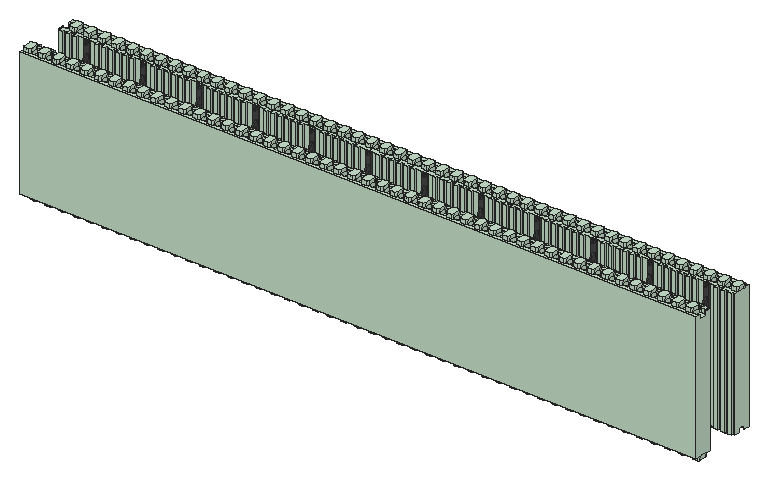
Revit family (continued)
Forms (in)
  Extrusion 100, void
    sketch origin (6, 1, 0) x (-1, 0, 0) y (0, -1, 0)
      loop
        arc (1.91675, 3.76455) -> (1.92106, 3.78736) -> (1.9334, 3.80702) r 0.0625
        arc (1.9334, 3.80702) -> (1.98276, 3.88568) -> (2, 3.97692) r 0.25
        line (2, 3.97692) -> (2, 4.89808)
        arc (2, 4.89808) -> (1.95215, 5.04517) -> (1.82692, 5.13595) r 0.25
        arc (1.82692, 5.13595) -> (1.5, 5.1875) -> (1.17308, 5.13595) r 1.0625
        arc (1.17308, 5.13595) -> (1.04785, 5.04517) -> (1, 4.89808) r 0.25
    from 0 to 0.5
  Extrusion 101, void
    sketch origin (8, 1, 0) x (-1, 0, 0) y (0, -1, 0)
      loop
        line (1, 4.89808) -> (1, 3.97692)
        arc (1, 3.97692) -> (1.04785, 3.82983) -> (1.17308, 3.73905) r 0.25
        arc (1.17308, 3.73905) -> (1.42092, 3.69045) -> (1.67323, 3.70172) r 1.0625
        arc (1.67323, 3.70172) -> (1.72385, 3.68771) -> (1.74592, 3.64005) r 0.0625
        line (1.74592, 3.64005) -> (1.74592, 3.41845) -> (1.91675, 3.41845) -> (1.91675, 3.76455)
        arc (1.91675, 3.76455) -> (1.92106, 3.78736) -> (1.9334, 3.80702) r 0.0625
        arc (1.9334, 3.80702) -> (1.98276, 3.88568) -> (2, 3.97692) r 0.25
        line (2, 3.97692) -> (2, 4.89808)
        arc (2, 4.89808) -> (1.95215, 5.04517) -> (1.82692, 5.13595) r 0.25
        arc (1.82692, 5.13595) -> (1.5, 5.1875) -> (1.17308, 5.13595) r 1.0625
        arc (1.17308, 5.13595) -> (1.04785, 5.04517) -> (1, 4.89808) r 0.25
    from 0 to 0.5
  Extrusion 102, void
    sketch origin (10, 1, 0) x (-1, 0, 0) y (0, -1, 0)
      loop
        line (1, 4.89808) -> (1, 3.97692)
        arc (1, 3.97692) -> (1.04785, 3.82983) -> (1.17308, 3.73905) r 0.25
        arc (1.17308, 3.73905) -> (1.42092, 3.69045) -> (1.67323, 3.70172) r 1.0625
        arc (1.67323, 3.70172) -> (1.72385, 3.68771) -> (1.74592, 3.64005) r 0.0625
        line (1.74592, 3.64005) -> (1.74592, 3.41845) -> (1.91675, 3.41845) -> (1.91675, 3.76455)
        arc (1.91675, 3.76455) -> (1.92106, 3.78736) -> (1.9334, 3.80702) r 0.0625
        arc (1.9334, 3.80702) -> (1.98276, 3.88568) -> (2, 3.97692) r 0.25
        line (2, 3.97692) -> (2, 4.89808)
        arc (2, 4.89808) -> (1.95215, 5.04517) -> (1.82692, 5.13595) r 0.25
        arc (1.82692, 5.13595) -> (1.5, 5.1875) -> (1.17308, 5.13595) r 1.0625
        arc (1.17308, 5.13595) -> (1.04785, 5.04517) -> (1, 4.89808) r 0.25
    from 0 to 0.5
  Extrusion 103, void
    sketch origin (12, 1, 0) x (-1, 0, 0) y (0, -1, 0)
      loop
        line (1, 4.89808) -> (1, 3.97692)
        arc (1, 3.97692) -> (1.04785, 3.82983) -> (1.17308, 3.73905) r 0.25
        arc (1.17308, 3.73905) -> (1.42092, 3.69045) -> (1.67323, 3.70172) r 1.0625
        arc (1.67323, 3.70172) -> (1.72385, 3.68771) -> (1.74592, 3.64005) r 0.0625
        line (1.74592, 3.64005) -> (1.74592, 3.41845) -> (1.91675, 3.41845) -> (1.91675, 3.76455)
        arc (1.91675, 3.76455) -> (1.92106, 3.78736) -> (1.9334, 3.80702) r 0.0625
        arc (1.9334, 3.80702) -> (1.98276, 3.88568) -> (2, 3.97692) r 0.25
        line (2, 3.97692) -> (2, 4.89808)
        arc (2, 4.89808) -> (1.95215, 5.04517) -> (1.82692, 5.13595) r 0.25
        arc (1.82692, 5.13595) -> (1.5, 5.1875) -> (1.17308, 5.13595) r 1.0625
        arc (1.17308, 5.13595) -> (1.04785, 5.04517) -> (1, 4.89808) r 0.25
    from 0 to 0.5
  Extrusion 104, void
    sketch origin (14, 1, 0) x (-1, 0, 0) y (0, -1, 0)
      loop
        line (1, 4.89808) -> (1, 3.97692)
        arc (1, 3.97692) -> (1.04785, 3.82983) -> (1.17308, 3.73905) r 0.25
        arc (1.17308, 3.73905) -> (1.42092, 3.69045) -> (1.67323, 3.70172) r 1.0625
        arc (1.67323, 3.70172) -> (1.72385, 3.68771) -> (1.74592, 3.64005) r 0.0625
        line (1.74592, 3.64005) -> (1.74592, 3.41845) -> (1.91675, 3.41845) -> (1.91675, 3.76455)
        arc (1.91675, 3.76455) -> (1.92106, 3.78736) -> (1.9334, 3.80702) r 0.0625
        arc (1.9334, 3.80702) -> (1.98276, 3.88568) -> (2, 3.97692) r 0.25
        line (2, 3.97692) -> (2, 4.89808)
        arc (2, 4.89808) -> (1.95215, 5.04517) -> (1.82692, 5.13595) r 0.25
        arc (1.82692, 5.13595) -> (1.5, 5.1875) -> (1.17308, 5.13595) r 1.0625
        arc (1.17308, 5.13595) -> (1.04785, 5.04517) -> (1, 4.89808) r 0.25
    from 0 to 0.5
  Extrusion 105, void
    sketch origin (16, 1, 0) x (-1, 0, 0) y (0, -1, 0)
      loop
        line (1, 4.89808) -> (1, 3.97692)
        arc (1, 3.97692) -> (1.04785, 3.82983) -> (1.17308, 3.73905) r 0.25
        arc (1.17308, 3.73905) -> (1.42092, 3.69045) -> (1.67323, 3.70172) r 1.0625
        arc (1.67323, 3.70172) -> (1.72385, 3.68771) -> (1.74592, 3.64005) r 0.0625
        line (1.74592, 3.64005) -> (1.74592, 3.41845) -> (1.91675, 3.41845) -> (1.91675, 3.76455)
        arc (1.91675, 3.76455) -> (1.92106, 3.78736) -> (1.9334, 3.80702) r 0.0625
        arc (1.9334, 3.80702) -> (1.98276, 3.88568) -> (2, 3.97692) r 0.25
        line (2, 3.97692) -> (2, 4.89808)
        arc (2, 4.89808) -> (1.95215, 5.04517) -> (1.82692, 5.13595) r 0.25
        arc (1.82692, 5.13595) -> (1.5, 5.1875) -> (1.17308, 5.13595) r 1.0625
        arc (1.17308, 5.13595) -> (1.04785, 5.04517) -> (1, 4.89808) r 0.25
    from 0 to 0.5
  Extrusion 106, void
    sketch origin (18, 1, 0) x (-1, 0, 0) y (0, -1, 0)
      loop
        line (1, 4.89808) -> (1, 3.97692)
        arc (1, 3.97692) -> (1.04785, 3.82983) -> (1.17308, 3.73905) r 0.25
        arc (1.17308, 3.73905) -> (1.42092, 3.69045) -> (1.67323, 3.70172) r 1.0625
        arc (1.67323, 3.70172) -> (1.72385, 3.68771) -> (1.74592, 3.64005) r 0.0625
        line (1.74592, 3.64005) -> (1.74592, 3.41845) -> (1.91675, 3.41845) -> (1.91675, 3.76455)
        arc (1.91675, 3.76455) -> (1.92106, 3.78736) -> (1.9334, 3.80702) r 0.0625
        arc (1.9334, 3.80702) -> (1.98276, 3.88568) -> (2, 3.97692) r 0.25
        line (2, 3.97692) -> (2, 4.89808)
        arc (2, 4.89808) -> (1.95215, 5.04517) -> (1.82692, 5.13595) r 0.25
        arc (1.82692, 5.13595) -> (1.5, 5.1875) -> (1.17308, 5.13595) r 1.0625
        arc (1.17308, 5.13595) -> (1.04785, 5.04517) -> (1, 4.89808) r 0.25
    from 0 to 0.5
  Extrusion 107, void
    sketch origin (20, 1, 0) x (-1, 0, 0) y (0, -1, 0)
      loop
        line (1, 4.89808) -> (1, 3.97692)
        arc (1, 3.97692) -> (1.04785, 3.82983) -> (1.17308, 3.73905) r 0.25
        arc (1.17308, 3.73905) -> (1.42092, 3.69045) -> (1.67323, 3.70172) r 1.0625
        arc (1.67323, 3.70172) -> (1.72385, 3.68771) -> (1.74592, 3.64005) r 0.0625
        line (1.74592, 3.64005) -> (1.74592, 3.41845) -> (1.91675, 3.41845) -> (1.91675, 3.76455)
        arc (1.91675, 3.76455) -> (1.92106, 3.78736) -> (1.9334, 3.80702) r 0.0625
        arc (1.9334, 3.80702) -> (1.98276, 3.88568) -> (2, 3.97692) r 0.25
        line (2, 3.97692) -> (2, 4.89808)
        arc (2, 4.89808) -> (1.95215, 5.04517) -> (1.82692, 5.13595) r 0.25
        arc (1.82692, 5.13595) -> (1.5, 5.1875) -> (1.17308, 5.13595) r 1.0625
        arc (1.17308, 5.13595) -> (1.04785, 5.04517) -> (1, 4.89808) r 0.25
    from 0 to 0.5
  Extrusion 108, void
    sketch origin (22, 1, 0) x (-1, 0, 0) y (0, -1, 0)
      loop
        line (1, 4.89808) -> (1, 3.97692)
        arc (1, 3.97692) -> (1.04785, 3.82983) -> (1.17308, 3.73905) r 0.25
        arc (1.17308, 3.73905) -> (1.42092, 3.69045) -> (1.67323, 3.70172) r 1.0625
        arc (1.67323, 3.70172) -> (1.72385, 3.68771) -> (1.74592, 3.64005) r 0.0625
        line (1.74592, 3.64005) -> (1.74592, 3.41845) -> (1.91675, 3.41845) -> (1.91675, 3.76455)
        arc (1.91675, 3.76455) -> (1.92106, 3.78736) -> (1.9334, 3.80702) r 0.0625
        arc (1.9334, 3.80702) -> (1.98276, 3.88568) -> (2, 3.97692) r 0.25
        line (2, 3.97692) -> (2, 4.89808)
        arc (2, 4.89808) -> (1.95215, 5.04517) -> (1.82692, 5.13595) r 0.25
        arc (1.82692, 5.13595) -> (1.5, 5.1875) -> (1.17308, 5.13595) r 1.0625
        arc (1.17308, 5.13595) -> (1.04785, 5.04517) -> (1, 4.89808) r 0.25
    from 0 to 0.5
  Extrusion 109, void
    sketch origin (24, 1, 0) x (-1, 0, 0) y (0, -1, 0)
      loop
        line (1, 4.89808) -> (1, 3.97692)
        arc (1, 3.97692) -> (1.04785, 3.82983) -> (1.17308, 3.73905) r 0.25
        arc (1.17308, 3.73905) -> (1.42092, 3.69045) -> (1.67323, 3.70172) r 1.0625
        arc (1.67323, 3.70172) -> (1.72385, 3.68771) -> (1.74592, 3.64005) r 0.0625
        line (1.74592, 3.64005) -> (1.74592, 3.41845) -> (1.91675, 3.41845) -> (1.91675, 3.76455)
        arc (1.91675, 3.76455) -> (1.92106, 3.78736) -> (1.9334, 3.80702) r 0.0625
        arc (1.9334, 3.80702) -> (1.98276, 3.88568) -> (2, 3.97692) r 0.25
        line (2, 3.97692) -> (2, 4.89808)
        arc (2, 4.89808) -> (1.95215, 5.04517) -> (1.82692, 5.13595) r 0.25
        arc (1.82692, 5.13595) -> (1.5, 5.1875) -> (1.17308, 5.13595) r 1.0625
        arc (1.17308, 5.13595) -> (1.04785, 5.04517) -> (1, 4.89808) r 0.25
    from 0 to 0.5
  Extrusion 110, void
    sketch origin (26, 1, 0) x (-1, 0, 0) y (0, -1, 0)
      loop
        line (1, 4.89808) -> (1, 3.97692)
        arc (1, 3.97692) -> (1.04785, 3.82983) -> (1.17308, 3.73905) r 0.25
        arc (1.17308, 3.73905) -> (1.42092, 3.69045) -> (1.67323, 3.70172) r 1.0625
        arc (1.67323, 3.70172) -> (1.72385, 3.68771) -> (1.74592, 3.64005) r 0.0625
        line (1.74592, 3.64005) -> (1.74592, 3.41845) -> (1.91675, 3.41845) -> (1.91675, 3.76455)
        arc (1.91675, 3.76455) -> (1.92106, 3.78736) -> (1.9334, 3.80702) r 0.0625
        arc (1.9334, 3.80702) -> (1.98276, 3.88568) -> (2, 3.97692) r 0.25
        line (2, 3.97692) -> (2, 4.89808)
        arc (2, 4.89808) -> (1.95215, 5.04517) -> (1.82692, 5.13595) r 0.25
        arc (1.82692, 5.13595) -> (1.5, 5.1875) -> (1.17308, 5.13595) r 1.0625
        arc (1.17308, 5.13595) -> (1.04785, 5.04517) -> (1, 4.89808) r 0.25
    from 0 to 0.5
  Extrusion 111, void
    sketch origin (28, 1, 0) x (-1, 0, 0) y (0, -1, 0)
      loop
        line (1, 4.89808) -> (1, 3.97692)
        arc (1, 3.97692) -> (1.04785, 3.82983) -> (1.17308, 3.73905) r 0.25
        arc (1.17308, 3.73905) -> (1.42092, 3.69045) -> (1.67323, 3.70172) r 1.0625
        arc (1.67323, 3.70172) -> (1.72385, 3.68771) -> (1.74592, 3.64005) r 0.0625
        line (1.74592, 3.64005) -> (1.74592, 3.41845) -> (1.91675, 3.41845) -> (1.91675, 3.76455)
        arc (1.91675, 3.76455) -> (1.92106, 3.78736) -> (1.9334, 3.80702) r 0.0625
        arc (1.9334, 3.80702) -> (1.98276, 3.88568) -> (2, 3.97692) r 0.25
        line (2, 3.97692) -> (2, 4.89808)
        arc (2, 4.89808) -> (1.95215, 5.04517) -> (1.82692, 5.13595) r 0.25
        arc (1.82692, 5.13595) -> (1.5, 5.1875) -> (1.17308, 5.13595) r 1.0625
        arc (1.17308, 5.13595) -> (1.04785, 5.04517) -> (1, 4.89808) r 0.25
    from 0 to 0.5
  Extrusion 112, void
    sketch origin (30, 1, 0) x (-1, 0, 0) y (0, -1, 0)
      loop
        line (1, 4.89808) -> (1, 3.97692)
        arc (1, 3.97692) -> (1.04785, 3.82983) -> (1.17308, 3.73905) r 0.25
        arc (1.17308, 3.73905) -> (1.42092, 3.69045) -> (1.67323, 3.70172) r 1.0625
        arc (1.67323, 3.70172) -> (1.72385, 3.68771) -> (1.74592, 3.64005) r 0.0625
        line (1.74592, 3.64005) -> (1.74592, 3.41845) -> (1.91675, 3.41845) -> (1.91675, 3.76455)
        arc (1.91675, 3.76455) -> (1.92106, 3.78736) -> (1.9334, 3.80702) r 0.0625
        arc (1.9334, 3.80702) -> (1.98276, 3.88568) -> (2, 3.97692) r 0.25
        line (2, 3.97692) -> (2, 4.89808)
        arc (2, 4.89808) -> (1.95215, 5.04517) -> (1.82692, 5.13595) r 0.25
        arc (1.82692, 5.13595) -> (1.5, 5.1875) -> (1.17308, 5.13595) r 1.0625
        arc (1.17308, 5.13595) -> (1.04785, 5.04517) -> (1, 4.89808) r 0.25
    from 0 to 0.5
  Extrusion 113, void
    sketch origin (32, 1, 0) x (-1, 0, 0) y (0, -1, 0)
      loop
        line (1, 4.89808) -> (1, 3.97692)
        arc (1, 3.97692) -> (1.04785, 3.82983) -> (1.17308, 3.73905) r 0.25
        arc (1.17308, 3.73905) -> (1.42092, 3.69045) -> (1.67323, 3.70172) r 1.0625
        arc (1.67323, 3.70172) -> (1.72385, 3.68771) -> (1.74592, 3.64005) r 0.0625
        line (1.74592, 3.64005) -> (1.74592, 3.41845) -> (1.91675, 3.41845) -> (1.91675, 3.76455)
        arc (1.91675, 3.76455) -> (1.92106, 3.78736) -> (1.9334, 3.80702) r 0.0625
        arc (1.9334, 3.80702) -> (1.98276, 3.88568) -> (2, 3.97692) r 0.25
        line (2, 3.97692) -> (2, 4.89808)
        arc (2, 4.89808) -> (1.95215, 5.04517) -> (1.82692, 5.13595) r 0.25
        arc (1.82692, 5.13595) -> (1.5, 5.1875) -> (1.17308, 5.13595) r 1.0625
        arc (1.17308, 5.13595) -> (1.04785, 5.04517) -> (1, 4.89808) r 0.25
    from 0 to 0.5
  Extrusion 114, void
    sketch origin (34, 1, 0) x (-1, 0, 0) y (0, -1, 0)
      loop
        line (1, 4.89808) -> (1, 3.97692)
        arc (1, 3.97692) -> (1.04785, 3.82983) -> (1.17308, 3.73905) r 0.25
        arc (1.17308, 3.73905) -> (1.42092, 3.69045) -> (1.67323, 3.70172) r 1.0625
        arc (1.67323, 3.70172) -> (1.72385, 3.68771) -> (1.74592, 3.64005) r 0.0625
        line (1.74592, 3.64005) -> (1.74592, 3.41845) -> (1.91675, 3.41845) -> (1.91675, 3.76455)
        arc (1.91675, 3.76455) -> (1.92106, 3.78736) -> (1.9334, 3.80702) r 0.0625
        arc (1.9334, 3.80702) -> (1.98276, 3.88568) -> (2, 3.97692) r 0.25
        line (2, 3.97692) -> (2, 4.89808)
        arc (2, 4.89808) -> (1.95215, 5.04517) -> (1.82692, 5.13595) r 0.25
        arc (1.82692, 5.13595) -> (1.5, 5.1875) -> (1.17308, 5.13595) r 1.0625
        arc (1.17308, 5.13595) -> (1.04785, 5.04517) -> (1, 4.89808) r 0.25
    from 0 to 0.5
  Extrusion 115, void
    sketch origin (36, 1, 0) x (-1, 0, 0) y (0, -1, 0)
      loop
        line (1, 4.89808) -> (1, 3.97692)
        arc (1, 3.97692) -> (1.04785, 3.82983) -> (1.17308, 3.73905) r 0.25
        arc (1.17308, 3.73905) -> (1.42092, 3.69045) -> (1.67323, 3.70172) r 1.0625
        arc (1.67323, 3.70172) -> (1.72385, 3.68771) -> (1.74592, 3.64005) r 0.0625
        line (1.74592, 3.64005) -> (1.74592, 3.41845) -> (1.91675, 3.41845) -> (1.91675, 3.76455)
        arc (1.91675, 3.76455) -> (1.92106, 3.78736) -> (1.9334, 3.80702) r 0.0625
        arc (1.9334, 3.80702) -> (1.98276, 3.88568) -> (2, 3.97692) r 0.25
        line (2, 3.97692) -> (2, 4.89808)
        arc (2, 4.89808) -> (1.95215, 5.04517) -> (1.82692, 5.13595) r 0.25
        arc (1.82692, 5.13595) -> (1.5, 5.1875) -> (1.17308, 5.13595) r 1.0625
        arc (1.17308, 5.13595) -> (1.04785, 5.04517) -> (1, 4.89808) r 0.25
    from 0 to 0.5
  Extrusion 116, void
    sketch origin (38, 1, 0) x (-1, 0, 0) y (0, -1, 0)
      loop
        line (1, 4.89808) -> (1, 3.97692)
        arc (1, 3.97692) -> (1.04785, 3.82983) -> (1.17308, 3.73905) r 0.25
        arc (1.17308, 3.73905) -> (1.42092, 3.69045) -> (1.67323, 3.70172) r 1.0625
        arc (1.67323, 3.70172) -> (1.72385, 3.68771) -> (1.74592, 3.64005) r 0.0625
        line (1.74592, 3.64005) -> (1.74592, 3.41845) -> (1.91675, 3.41845) -> (1.91675, 3.76455)
        arc (1.91675, 3.76455) -> (1.92106, 3.78736) -> (1.9334, 3.80702) r 0.0625
        arc (1.9334, 3.80702) -> (1.98276, 3.88568) -> (2, 3.97692) r 0.25
        line (2, 3.97692) -> (2, 4.89808)
        arc (2, 4.89808) -> (1.95215, 5.04517) -> (1.82692, 5.13595) r 0.25
        arc (1.82692, 5.13595) -> (1.5, 5.1875) -> (1.17308, 5.13595) r 1.0625
        arc (1.17308, 5.13595) -> (1.04785, 5.04517) -> (1, 4.89808) r 0.25
    from 0 to 0.5
  Extrusion 117, void
    sketch origin (40, 1, 0) x (-1, 0, 0) y (0, -1, 0)
      loop
        line (1, 4.89808) -> (1, 3.97692)
        arc (1, 3.97692) -> (1.04785, 3.82983) -> (1.17308, 3.73905) r 0.25
        arc (1.17308, 3.73905) -> (1.42092, 3.69045) -> (1.67323, 3.70172) r 1.0625
        arc (1.67323, 3.70172) -> (1.72385, 3.68771) -> (1.74592, 3.64005) r 0.0625
        line (1.74592, 3.64005) -> (1.74592, 3.41845) -> (1.91675, 3.41845) -> (1.91675, 3.76455)
        arc (1.91675, 3.76455) -> (1.92106, 3.78736) -> (1.9334, 3.80702) r 0.0625
        arc (1.9334, 3.80702) -> (1.98276, 3.88568) -> (2, 3.97692) r 0.25
        line (2, 3.97692) -> (2, 4.89808)
        arc (2, 4.89808) -> (1.95215, 5.04517) -> (1.82692, 5.13595) r 0.25
        arc (1.82692, 5.13595) -> (1.5, 5.1875) -> (1.17308, 5.13595) r 1.0625
        arc (1.17308, 5.13595) -> (1.04785, 5.04517) -> (1, 4.89808) r 0.25
    from 0 to 0.5
  Extrusion 118, void
    sketch origin (42, 1, 0) x (-1, 0, 0) y (0, -1, 0)
      loop
        line (1, 4.89808) -> (1, 3.97692)
        arc (1, 3.97692) -> (1.04785, 3.82983) -> (1.17308, 3.73905) r 0.25
        arc (1.17308, 3.73905) -> (1.42092, 3.69045) -> (1.67323, 3.70172) r 1.0625
        arc (1.67323, 3.70172) -> (1.72385, 3.68771) -> (1.74592, 3.64005) r 0.0625
        line (1.74592, 3.64005) -> (1.74592, 3.41845) -> (1.91675, 3.41845) -> (1.91675, 3.76455)
        arc (1.91675, 3.76455) -> (1.92106, 3.78736) -> (1.9334, 3.80702) r 0.0625
        arc (1.9334, 3.80702) -> (1.98276, 3.88568) -> (2, 3.97692) r 0.25
        line (2, 3.97692) -> (2, 4.89808)
        arc (2, 4.89808) -> (1.95215, 5.04517) -> (1.82692, 5.13595) r 0.25
        arc (1.82692, 5.13595) -> (1.5, 5.1875) -> (1.17308, 5.13595) r 1.0625
        arc (1.17308, 5.13595) -> (1.04785, 5.04517) -> (1, 4.89808) r 0.25
    from 0 to 0.5
  Extrusion 119, void
    sketch origin (44, 1, 0) x (-1, 0, 0) y (0, -1, 0)
      loop
        line (1, 4.89808) -> (1, 3.97692)
        arc (1, 3.97692) -> (1.04785, 3.82983) -> (1.17308, 3.73905) r 0.25
        arc (1.17308, 3.73905) -> (1.42092, 3.69045) -> (1.67323, 3.70172) r 1.0625
        arc (1.67323, 3.70172) -> (1.72385, 3.68771) -> (1.74592, 3.64005) r 0.0625
        line (1.74592, 3.64005) -> (1.74592, 3.41845) -> (1.91675, 3.41845) -> (1.91675, 3.76455)
        arc (1.91675, 3.76455) -> (1.92106, 3.78736) -> (1.9334, 3.80702) r 0.0625
        arc (1.9334, 3.80702) -> (1.98276, 3.88568) -> (2, 3.97692) r 0.25
        line (2, 3.97692) -> (2, 4.89808)
        arc (2, 4.89808) -> (1.95215, 5.04517) -> (1.82692, 5.13595) r 0.25
        arc (1.82692, 5.13595) -> (1.5, 5.1875) -> (1.17308, 5.13595) r 1.0625
        arc (1.17308, 5.13595) -> (1.04785, 5.04517) -> (1, 4.89808) r 0.25
    from 0 to 0.5
  Extrusion 120, void
    sketch origin (46, 1, 0) x (-1, 0, 0) y (0, -1, 0)
      loop
        line (1, 4.89808) -> (1, 3.97692)
        arc (1, 3.97692) -> (1.04785, 3.82983) -> (1.17308, 3.73905) r 0.25
        arc (1.17308, 3.73905) -> (1.42092, 3.69045) -> (1.67323, 3.70172) r 1.0625
        arc (1.67323, 3.70172) -> (1.72385, 3.68771) -> (1.74592, 3.64005) r 0.0625
        line (1.74592, 3.64005) -> (1.74592, 3.41845) -> (1.91675, 3.41845) -> (1.91675, 3.76455)
        arc (1.91675, 3.76455) -> (1.92106, 3.78736) -> (1.9334, 3.80702) r 0.0625
        arc (1.9334, 3.80702) -> (1.98276, 3.88568) -> (2, 3.97692) r 0.25
        line (2, 3.97692) -> (2, 4.89808)
        arc (2, 4.89808) -> (1.95215, 5.04517) -> (1.82692, 5.13595) r 0.25
        arc (1.82692, 5.13595) -> (1.5, 5.1875) -> (1.17308, 5.13595) r 1.0625
        arc (1.17308, 5.13595) -> (1.04785, 5.04517) -> (1, 4.89808) r 0.25
    from 0 to 0.5
  Extrusion 121, void
    sketch origin (48, 1, 0) x (-1, 0, 0) y (0, -1, 0)
      loop
        line (1, 4.89808) -> (1, 3.97692)
        arc (1, 3.97692) -> (1.04785, 3.82983) -> (1.17308, 3.73905) r 0.25
        arc (1.17308, 3.73905) -> (1.42092, 3.69045) -> (1.67323, 3.70172) r 1.0625
        arc (1.67323, 3.70172) -> (1.72385, 3.68771) -> (1.74592, 3.64005) r 0.0625
        line (1.74592, 3.64005) -> (1.74592, 3.41845) -> (1.91675, 3.41845) -> (1.91675, 3.76455)
        arc (1.91675, 3.76455) -> (1.92106, 3.78736) -> (1.9334, 3.80702) r 0.0625
        arc (1.9334, 3.80702) -> (1.98276, 3.88568) -> (2, 3.97692) r 0.25
        line (2, 3.97692) -> (2, 4.89808)
        arc (2, 4.89808) -> (1.95215, 5.04517) -> (1.82692, 5.13595) r 0.25
        arc (1.82692, 5.13595) -> (1.5, 5.1875) -> (1.17308, 5.13595) r 1.0625
        arc (1.17308, 5.13595) -> (1.04785, 5.04517) -> (1, 4.89808) r 0.25
    from 0 to 0.5
  Extrusion 122, void
    sketch origin (50, 1, 0) x (-1, 0, 0) y (0, -1, 0)
      loop
        line (1, 4.89808) -> (1, 3.97692)
        arc (1, 3.97692) -> (1.04785, 3.82983) -> (1.17308, 3.73905) r 0.25
        arc (1.17308, 3.73905) -> (1.42092, 3.69045) -> (1.67323, 3.70172) r 1.0625
        arc (1.67323, 3.70172) -> (1.72385, 3.68771) -> (1.74592, 3.64005) r 0.0625
        line (1.74592, 3.64005) -> (1.74592, 3.41845) -> (1.91675, 3.41845) -> (1.91675, 3.76455)
        arc (1.91675, 3.76455) -> (1.92106, 3.78736) -> (1.9334, 3.80702) r 0.0625
        arc (1.9334, 3.80702) -> (1.98276, 3.88568) -> (2, 3.97692) r 0.25
        line (2, 3.97692) -> (2, 4.89808)
        arc (2, 4.89808) -> (1.95215, 5.04517) -> (1.82692, 5.13595) r 0.25
        arc (1.82692, 5.13595) -> (1.5, 5.1875) -> (1.17308, 5.13595) r 1.0625
        arc (1.17308, 5.13595) -> (1.04785, 5.04517) -> (1, 4.89808) r 0.25
    from 0 to 0.5
  Extrusion 123, void
    sketch origin (52, 1, 0) x (-1, 0, 0) y (0, -1, 0)
      loop
        line (1, 4.89808) -> (1, 3.97692)
        arc (1, 3.97692) -> (1.04785, 3.82983) -> (1.17308, 3.73905) r 0.25
        arc (1.17308, 3.73905) -> (1.42092, 3.69045) -> (1.67323, 3.70172) r 1.0625
        arc (1.67323, 3.70172) -> (1.72385, 3.68771) -> (1.74592, 3.64005) r 0.0625
        line (1.74592, 3.64005) -> (1.74592, 3.41845) -> (1.91675, 3.41845) -> (1.91675, 3.76455)
        arc (1.91675, 3.76455) -> (1.92106, 3.78736) -> (1.9334, 3.80702) r 0.0625
        arc (1.9334, 3.80702) -> (1.98276, 3.88568) -> (2, 3.97692) r 0.25
        line (2, 3.97692) -> (2, 4.89808)
        arc (2, 4.89808) -> (1.95215, 5.04517) -> (1.82692, 5.13595) r 0.25
        arc (1.82692, 5.13595) -> (1.5, 5.1875) -> (1.17308, 5.13595) r 1.0625
        arc (1.17308, 5.13595) -> (1.04785, 5.04517) -> (1, 4.89808) r 0.25
    from 0 to 0.5
  Extrusion 124, void
    sketch origin (54, 1, 0) x (-1, 0, 0) y (0, -1, 0)
      loop
        line (1, 4.89808) -> (1, 3.97692)
        arc (1, 3.97692) -> (1.04785, 3.82983) -> (1.17308, 3.73905) r 0.25
        arc (1.17308, 3.73905) -> (1.42092, 3.69045) -> (1.67323, 3.70172) r 1.0625
        arc (1.67323, 3.70172) -> (1.72385, 3.68771) -> (1.74592, 3.64005) r 0.0625
        line (1.74592, 3.64005) -> (1.74592, 3.41845) -> (1.91675, 3.41845) -> (1.91675, 3.76455)
        arc (1.91675, 3.76455) -> (1.92106, 3.78736) -> (1.9334, 3.80702) r 0.0625
        arc (1.9334, 3.80702) -> (1.98276, 3.88568) -> (2, 3.97692) r 0.25
        line (2, 3.97692) -> (2, 4.89808)
        arc (2, 4.89808) -> (1.95215, 5.04517) -> (1.82692, 5.13595) r 0.25
        arc (1.82692, 5.13595) -> (1.5, 5.1875) -> (1.17308, 5.13595) r 1.0625
        arc (1.17308, 5.13595) -> (1.04785, 5.04517) -> (1, 4.89808) r 0.25
    from 0 to 0.5
  Extrusion 125, void
    sketch origin (56, 1, 0) x (-1, 0, 0) y (0, -1, 0)
      loop
        line (1, 4.89808) -> (1, 3.97692)
        arc (1, 3.97692) -> (1.04785, 3.82983) -> (1.17308, 3.73905) r 0.25
        arc (1.17308, 3.73905) -> (1.42092, 3.69045) -> (1.67323, 3.70172) r 1.0625
        arc (1.67323, 3.70172) -> (1.72385, 3.68771) -> (1.74592, 3.64005) r 0.0625
        line (1.74592, 3.64005) -> (1.74592, 3.41845) -> (1.91675, 3.41845) -> (1.91675, 3.76455)
        arc (1.91675, 3.76455) -> (1.92106, 3.78736) -> (1.9334, 3.80702) r 0.0625
        arc (1.9334, 3.80702) -> (1.98276, 3.88568) -> (2, 3.97692) r 0.25
        line (2, 3.97692) -> (2, 4.89808)
        arc (2, 4.89808) -> (1.95215, 5.04517) -> (1.82692, 5.13595) r 0.25
        arc (1.82692, 5.13595) -> (1.5, 5.1875) -> (1.17308, 5.13595) r 1.0625
        arc (1.17308, 5.13595) -> (1.04785, 5.04517) -> (1, 4.89808) r 0.25
    from 0 to 0.5
  Extrusion 126, void
    sketch origin (58, 1, 0) x (-1, 0, 0) y (0, -1, 0)
      loop
        line (1, 4.89808) -> (1, 3.97692)
        arc (1, 3.97692) -> (1.04785, 3.82983) -> (1.17308, 3.73905) r 0.25
        arc (1.17308, 3.73905) -> (1.42092, 3.69045) -> (1.67323, 3.70172) r 1.0625
        arc (1.67323, 3.70172) -> (1.72385, 3.68771) -> (1.74592, 3.64005) r 0.0625
        line (1.74592, 3.64005) -> (1.74592, 3.41845) -> (1.91675, 3.41845) -> (1.91675, 3.76455)
        arc (1.91675, 3.76455) -> (1.92106, 3.78736) -> (1.9334, 3.80702) r 0.0625
        arc (1.9334, 3.80702) -> (1.98276, 3.88568) -> (2, 3.97692) r 0.25
        line (2, 3.97692) -> (2, 4.89808)
        arc (2, 4.89808) -> (1.95215, 5.04517) -> (1.82692, 5.13595) r 0.25
        arc (1.82692, 5.13595) -> (1.5, 5.1875) -> (1.17308, 5.13595) r 1.0625
        arc (1.17308, 5.13595) -> (1.04785, 5.04517) -> (1, 4.89808) r 0.25
    from 0 to 0.5
  Extrusion 127, void
    sketch origin (60, 1, 0) x (-1, 0, 0) y (0, -1, 0)
      loop
        line (1, 4.89808) -> (1, 3.97692)
        arc (1, 3.97692) -> (1.04785, 3.82983) -> (1.17308, 3.73905) r 0.25
        arc (1.17308, 3.73905) -> (1.42092, 3.69045) -> (1.67323, 3.70172) r 1.0625
        arc (1.67323, 3.70172) -> (1.72385, 3.68771) -> (1.74592, 3.64005) r 0.0625
        line (1.74592, 3.64005) -> (1.74592, 3.41845) -> (1.91675, 3.41845) -> (1.91675, 3.76455)
        arc (1.91675, 3.76455) -> (1.92106, 3.78736) -> (1.9334, 3.80702) r 0.0625
        arc (1.9334, 3.80702) -> (1.98276, 3.88568) -> (2, 3.97692) r 0.25
        line (2, 3.97692) -> (2, 4.89808)
        arc (2, 4.89808) -> (1.95215, 5.04517) -> (1.82692, 5.13595) r 0.25
        arc (1.82692, 5.13595) -> (1.5, 5.1875) -> (1.17308, 5.13595) r 1.0625
        arc (1.17308, 5.13595) -> (1.04785, 5.04517) -> (1, 4.89808) r 0.25
    from 0 to 0.5
  Extrusion 128, void
    sketch origin (62, 1, 0) x (-1, 0, 0) y (0, -1, 0)
      loop
        line (1, 4.89808) -> (1, 3.97692)
        arc (1, 3.97692) -> (1.04785, 3.82983) -> (1.17308, 3.73905) r 0.25
        arc (1.17308, 3.73905) -> (1.42092, 3.69045) -> (1.67323, 3.70172) r 1.0625
        arc (1.67323, 3.70172) -> (1.72385, 3.68771) -> (1.74592, 3.64005) r 0.0625
        line (1.74592, 3.64005) -> (1.74592, 3.41845) -> (1.91675, 3.41845) -> (1.91675, 3.76455)
        arc (1.91675, 3.76455) -> (1.92106, 3.78736) -> (1.9334, 3.80702) r 0.0625
        arc (1.9334, 3.80702) -> (1.98276, 3.88568) -> (2, 3.97692) r 0.25
        line (2, 3.97692) -> (2, 4.89808)
        arc (2, 4.89808) -> (1.95215, 5.04517) -> (1.82692, 5.13595) r 0.25
        arc (1.82692, 5.13595) -> (1.5, 5.1875) -> (1.17308, 5.13595) r 1.0625
        arc (1.17308, 5.13595) -> (1.04785, 5.04517) -> (1, 4.89808) r 0.25
    from 0 to 0.5
  Extrusion 129, void
    sketch origin (64, 1, 0) x (-1, 0, 0) y (0, -1, 0)
      loop
        line (1, 4.89808) -> (1, 3.97692)
        arc (1, 3.97692) -> (1.04785, 3.82983) -> (1.17308, 3.73905) r 0.25
        arc (1.17308, 3.73905) -> (1.42092, 3.69045) -> (1.67323, 3.70172) r 1.0625
        arc (1.67323, 3.70172) -> (1.72385, 3.68771) -> (1.74592, 3.64005) r 0.0625
        line (1.74592, 3.64005) -> (1.74592, 3.41845) -> (1.91675, 3.41845) -> (1.91675, 3.76455)
        arc (1.91675, 3.76455) -> (1.92106, 3.78736) -> (1.9334, 3.80702) r 0.0625
        arc (1.9334, 3.80702) -> (1.98276, 3.88568) -> (2, 3.97692) r 0.25
        line (2, 3.97692) -> (2, 4.89808)
        arc (2, 4.89808) -> (1.95215, 5.04517) -> (1.82692, 5.13595) r 0.25
        arc (1.82692, 5.13595) -> (1.5, 5.1875) -> (1.17308, 5.13595) r 1.0625
        arc (1.17308, 5.13595) -> (1.04785, 5.04517) -> (1, 4.89808) r 0.25
    from 0 to 0.5
  Extrusion 130, void
    sketch origin (66, 1, 0) x (-1, 0, 0) y (0, -1, 0)
      loop
        line (1, 4.89808) -> (1, 3.97692)
        arc (1, 3.97692) -> (1.04785, 3.82983) -> (1.17308, 3.73905) r 0.25
        arc (1.17308, 3.73905) -> (1.42092, 3.69045) -> (1.67323, 3.70172) r 1.0625
        arc (1.67323, 3.70172) -> (1.72385, 3.68771) -> (1.74592, 3.64005) r 0.0625
        line (1.74592, 3.64005) -> (1.74592, 3.41845) -> (1.91675, 3.41845) -> (1.91675, 3.76455)
        arc (1.91675, 3.76455) -> (1.92106, 3.78736) -> (1.9334, 3.80702) r 0.0625
        arc (1.9334, 3.80702) -> (1.98276, 3.88568) -> (2, 3.97692) r 0.25
        line (2, 3.97692) -> (2, 4.89808)
        arc (2, 4.89808) -> (1.95215, 5.04517) -> (1.82692, 5.13595) r 0.25
        arc (1.82692, 5.13595) -> (1.5, 5.1875) -> (1.17308, 5.13595) r 1.0625
        arc (1.17308, 5.13595) -> (1.04785, 5.04517) -> (1, 4.89808) r 0.25
    from 0 to 0.5
  Extrusion 131, void
    sketch origin (68, 1, 0) x (-1, 0, 0) y (0, -1, 0)
      loop
        line (1, 4.89808) -> (1, 3.97692)
        arc (1, 3.97692) -> (1.04785, 3.82983) -> (1.17308, 3.73905) r 0.25
        arc (1.17308, 3.73905) -> (1.42092, 3.69045) -> (1.67323, 3.70172) r 1.0625
        arc (1.67323, 3.70172) -> (1.72385, 3.68771) -> (1.74592, 3.64005) r 0.0625
        line (1.74592, 3.64005) -> (1.74592, 3.41845) -> (1.91675, 3.41845) -> (1.91675, 3.76455)
        arc (1.91675, 3.76455) -> (1.92106, 3.78736) -> (1.9334, 3.80702) r 0.0625
        arc (1.9334, 3.80702) -> (1.98276, 3.88568) -> (2, 3.97692) r 0.25
        line (2, 3.97692) -> (2, 4.89808)
        arc (2, 4.89808) -> (1.95215, 5.04517) -> (1.82692, 5.13595) r 0.25
        arc (1.82692, 5.13595) -> (1.5, 5.1875) -> (1.17308, 5.13595) r 1.0625
        arc (1.17308, 5.13595) -> (1.04785, 5.04517) -> (1, 4.89808) r 0.25
    from 0 to 0.5
  Extrusion 132, void
    sketch origin (70, 1, 0) x (-1, 0, 0) y (0, -1, 0)
      loop
        line (1, 4.89808) -> (1, 3.97692)
        arc (1, 3.97692) -> (1.04785, 3.82983) -> (1.17308, 3.73905) r 0.25
        arc (1.17308, 3.73905) -> (1.42092, 3.69045) -> (1.67323, 3.70172) r 1.0625
        arc (1.67323, 3.70172) -> (1.72385, 3.68771) -> (1.74592, 3.64005) r 0.0625
        line (1.74592, 3.64005) -> (1.74592, 3.41845) -> (1.91675, 3.41845) -> (1.91675, 3.76455)
        arc (1.91675, 3.76455) -> (1.92106, 3.78736) -> (1.9334, 3.80702) r 0.0625
        arc (1.9334, 3.80702) -> (1.98276, 3.88568) -> (2, 3.97692) r 0.25
        line (2, 3.97692) -> (2, 4.89808)
        arc (2, 4.89808) -> (1.95215, 5.04517) -> (1.82692, 5.13595) r 0.25
        arc (1.82692, 5.13595) -> (1.5, 5.1875) -> (1.17308, 5.13595) r 1.0625
        arc (1.17308, 5.13595) -> (1.04785, 5.04517) -> (1, 4.89808) r 0.25
    from 0 to 0.5
  Extrusion 133, void
    sketch origin (72, 1, 0) x (-1, 0, 0) y (0, -1, 0)
      loop
        line (1, 4.89808) -> (1, 3.97692)
        arc (1, 3.97692) -> (1.04785, 3.82983) -> (1.17308, 3.73905) r 0.25
        arc (1.17308, 3.73905) -> (1.42092, 3.69045) -> (1.67323, 3.70172) r 1.0625
        arc (1.67323, 3.70172) -> (1.72385, 3.68771) -> (1.74592, 3.64005) r 0.0625
        line (1.74592, 3.64005) -> (1.74592, 3.41845) -> (1.91675, 3.41845) -> (1.91675, 3.76455)
        arc (1.91675, 3.76455) -> (1.92106, 3.78736) -> (1.9334, 3.80702) r 0.0625
        arc (1.9334, 3.80702) -> (1.98276, 3.88568) -> (2, 3.97692) r 0.25
        line (2, 3.97692) -> (2, 4.89808)
        arc (2, 4.89808) -> (1.95215, 5.04517) -> (1.82692, 5.13595) r 0.25
        arc (1.82692, 5.13595) -> (1.5, 5.1875) -> (1.17308, 5.13595) r 1.0625
        arc (1.17308, 5.13595) -> (1.04785, 5.04517) -> (1, 4.89808) r 0.25
    from 0 to 0.5
  Extrusion 134, void
    sketch origin (74, 1, 0) x (-1, 0, 0) y (0, -1, 0)
      loop
        line (1, 4.89808) -> (1, 3.97692)
        arc (1, 3.97692) -> (1.04785, 3.82983) -> (1.17308, 3.73905) r 0.25
        arc (1.17308, 3.73905) -> (1.42092, 3.69045) -> (1.67323, 3.70172) r 1.0625
        arc (1.67323, 3.70172) -> (1.72385, 3.68771) -> (1.74592, 3.64005) r 0.0625
        line (1.74592, 3.64005) -> (1.74592, 3.41845) -> (1.91675, 3.41845) -> (1.91675, 3.76455)
        arc (1.91675, 3.76455) -> (1.92106, 3.78736) -> (1.9334, 3.80702) r 0.0625
        arc (1.9334, 3.80702) -> (1.98276, 3.88568) -> (2, 3.97692) r 0.25
        line (2, 3.97692) -> (2, 4.89808)
        arc (2, 4.89808) -> (1.95215, 5.04517) -> (1.82692, 5.13595) r 0.25
        arc (1.82692, 5.13595) -> (1.5, 5.1875) -> (1.17308, 5.13595) r 1.0625
        arc (1.17308, 5.13595) -> (1.04785, 5.04517) -> (1, 4.89808) r 0.25
    from 0 to 0.5
  Extrusion 135, void
    sketch origin (76, 1, 0) x (-1, 0, 0) y (0, -1, 0)
      loop
        line (1, 4.89808) -> (1, 3.97692)
        arc (1, 3.97692) -> (1.04785, 3.82983) -> (1.17308, 3.73905) r 0.25
        arc (1.17308, 3.73905) -> (1.42092, 3.69045) -> (1.67323, 3.70172) r 1.0625
        arc (1.67323, 3.70172) -> (1.72385, 3.68771) -> (1.74592, 3.64005) r 0.0625
        line (1.74592, 3.64005) -> (1.74592, 3.41845) -> (1.91675, 3.41845) -> (1.91675, 3.76455)
        arc (1.91675, 3.76455) -> (1.92106, 3.78736) -> (1.9334, 3.80702) r 0.0625
        arc (1.9334, 3.80702) -> (1.98276, 3.88568) -> (2, 3.97692) r 0.25
        line (2, 3.97692) -> (2, 4.89808)
        arc (2, 4.89808) -> (1.95215, 5.04517) -> (1.82692, 5.13595) r 0.25
        arc (1.82692, 5.13595) -> (1.5, 5.1875) -> (1.17308, 5.13595) r 1.0625
        arc (1.17308, 5.13595) -> (1.04785, 5.04517) -> (1, 4.89808) r 0.25
    from 0 to 0.5
  Extrusion 136, void
    sketch origin (78, 1, 0) x (-1, 0, 0) y (0, -1, 0)
      loop
        line (1, 4.89808) -> (1, 3.97692)
        arc (1, 3.97692) -> (1.04785, 3.82983) -> (1.17308, 3.73905) r 0.25
        arc (1.17308, 3.73905) -> (1.42092, 3.69045) -> (1.67323, 3.70172) r 1.0625
        arc (1.67323, 3.70172) -> (1.72385, 3.68771) -> (1.74592, 3.64005) r 0.0625
        line (1.74592, 3.64005) -> (1.74592, 3.41845) -> (1.91675, 3.41845) -> (1.91675, 3.76455)
        arc (1.91675, 3.76455) -> (1.92106, 3.78736) -> (1.9334, 3.80702) r 0.0625
        arc (1.9334, 3.80702) -> (1.98276, 3.88568) -> (2, 3.97692) r 0.25
        line (2, 3.97692) -> (2, 4.89808)
        arc (2, 4.89808) -> (1.95215, 5.04517) -> (1.82692, 5.13595) r 0.25
        arc (1.82692, 5.13595) -> (1.5, 5.1875) -> (1.17308, 5.13595) r 1.0625
        arc (1.17308, 5.13595) -> (1.04785, 5.04517) -> (1, 4.89808) r 0.25
    from 0 to 0.5
  Extrusion 137, void
    sketch origin (80, 1, 0) x (-1, 0, 0) y (0, -1, 0)
      loop
        line (1, 4.89808) -> (1, 3.97692)
        arc (1, 3.97692) -> (1.04785, 3.82983) -> (1.17308, 3.73905) r 0.25
        arc (1.17308, 3.73905) -> (1.42092, 3.69045) -> (1.67323, 3.70172) r 1.0625
        arc (1.67323, 3.70172) -> (1.72385, 3.68771) -> (1.74592, 3.64005) r 0.0625
        line (1.74592, 3.64005) -> (1.74592, 3.41845) -> (1.91675, 3.41845) -> (1.91675, 3.76455)
        arc (1.91675, 3.76455) -> (1.92106, 3.78736) -> (1.9334, 3.80702) r 0.0625
        arc (1.9334, 3.80702) -> (1.98276, 3.88568) -> (2, 3.97692) r 0.25
        line (2, 3.97692) -> (2, 4.89808)
        arc (2, 4.89808) -> (1.95215, 5.04517) -> (1.82692, 5.13595) r 0.25
        arc (1.82692, 5.13595) -> (1.5, 5.1875) -> (1.17308, 5.13595) r 1.0625
        arc (1.17308, 5.13595) -> (1.04785, 5.04517) -> (1, 4.89808) r 0.25
    from 0 to 0.5
  Extrusion 138, void
    sketch origin (82, 1, 0) x (-1, 0, 0) y (0, -1, 0)
      loop
        line (1, 4.89808) -> (1, 3.97692)
        arc (1, 3.97692) -> (1.04785, 3.82983) -> (1.17308, 3.73905) r 0.25
        arc (1.17308, 3.73905) -> (1.42092, 3.69045) -> (1.67323, 3.70172) r 1.0625
        arc (1.67323, 3.70172) -> (1.72385, 3.68771) -> (1.74592, 3.64005) r 0.0625
        line (1.74592, 3.64005) -> (1.74592, 3.41845) -> (1.91675, 3.41845) -> (1.91675, 3.76455)
        arc (1.91675, 3.76455) -> (1.92106, 3.78736) -> (1.9334, 3.80702) r 0.0625
        arc (1.9334, 3.80702) -> (1.98276, 3.88568) -> (2, 3.97692) r 0.25
        line (2, 3.97692) -> (2, 4.89808)
        arc (2, 4.89808) -> (1.95215, 5.04517) -> (1.82692, 5.13595) r 0.25
        arc (1.82692, 5.13595) -> (1.5, 5.1875) -> (1.17308, 5.13595) r 1.0625
        arc (1.17308, 5.13595) -> (1.04785, 5.04517) -> (1, 4.89808) r 0.25
    from 0 to 0.5
  Extrusion 139, void
    sketch origin (84, 1, 0) x (-1, 0, 0) y (0, -1, 0)
      loop
        line (1, 4.89808) -> (1, 3.97692)
        arc (1, 3.97692) -> (1.04785, 3.82983) -> (1.17308, 3.73905) r 0.25
        arc (1.17308, 3.73905) -> (1.42092, 3.69045) -> (1.67323, 3.70172) r 1.0625
        arc (1.67323, 3.70172) -> (1.72385, 3.68771) -> (1.74592, 3.64005) r 0.0625
        line (1.74592, 3.64005) -> (1.74592, 3.41845) -> (1.91675, 3.41845) -> (1.91675, 3.76455)
        arc (1.91675, 3.76455) -> (1.92106, 3.78736) -> (1.9334, 3.80702) r 0.0625
        arc (1.9334, 3.80702) -> (1.98276, 3.88568) -> (2, 3.97692) r 0.25
        line (2, 3.97692) -> (2, 4.89808)
        arc (2, 4.89808) -> (1.95215, 5.04517) -> (1.82692, 5.13595) r 0.25
        arc (1.82692, 5.13595) -> (1.5, 5.1875) -> (1.17308, 5.13595) r 1.0625
        arc (1.17308, 5.13595) -> (1.04785, 5.04517) -> (1, 4.89808) r 0.25
    from 0 to 0.5
  Extrusion 140, void
    sketch origin (86, 1, 0) x (-1, 0, 0) y (0, -1, 0)
      loop
        line (1, 4.89808) -> (1, 3.97692)
        arc (1, 3.97692) -> (1.04785, 3.82983) -> (1.17308, 3.73905) r 0.25
        arc (1.17308, 3.73905) -> (1.42092, 3.69045) -> (1.67323, 3.70172) r 1.0625
        arc (1.67323, 3.70172) -> (1.72385, 3.68771) -> (1.74592, 3.64005) r 0.0625
        line (1.74592, 3.64005) -> (1.74592, 3.41845) -> (1.91675, 3.41845) -> (1.91675, 3.76455)
        arc (1.91675, 3.76455) -> (1.92106, 3.78736) -> (1.9334, 3.80702) r 0.0625
        arc (1.9334, 3.80702) -> (1.98276, 3.88568) -> (2, 3.97692) r 0.25
        line (2, 3.97692) -> (2, 4.89808)
        arc (2, 4.89808) -> (1.95215, 5.04517) -> (1.82692, 5.13595) r 0.25
        arc (1.82692, 5.13595) -> (1.5, 5.1875) -> (1.17308, 5.13595) r 1.0625
        arc (1.17308, 5.13595) -> (1.04785, 5.04517) -> (1, 4.89808) r 0.25
    from 0 to 0.5
  Extrusion 141, void
    sketch origin (88, 1, 0) x (-1, 0, 0) y (0, -1, 0)
      loop
        line (1, 4.89808) -> (1, 3.97692)
        arc (1, 3.97692) -> (1.04785, 3.82983) -> (1.17308, 3.73905) r 0.25
        arc (1.17308, 3.73905) -> (1.42092, 3.69045) -> (1.67323, 3.70172) r 1.0625
        arc (1.67323, 3.70172) -> (1.72385, 3.68771) -> (1.74592, 3.64005) r 0.0625
        line (1.74592, 3.64005) -> (1.74592, 3.41845) -> (1.91675, 3.41845) -> (1.91675, 3.76455)
        arc (1.91675, 3.76455) -> (1.92106, 3.78736) -> (1.9334, 3.80702) r 0.0625
        arc (1.9334, 3.80702) -> (1.98276, 3.88568) -> (2, 3.97692) r 0.25
        line (2, 3.97692) -> (2, 4.89808)
        arc (2, 4.89808) -> (1.95215, 5.04517) -> (1.82692, 5.13595) r 0.25
        arc (1.82692, 5.13595) -> (1.5, 5.1875) -> (1.17308, 5.13595) r 1.0625
        arc (1.17308, 5.13595) -> (1.04785, 5.04517) -> (1, 4.89808) r 0.25
    from 0 to 0.5
  Extrusion 142, void
    sketch origin (90, 1, 0) x (-1, 0, 0) y (0, -1, 0)
      loop
        line (1, 4.89808) -> (1, 3.97692)
        arc (1, 3.97692) -> (1.04785, 3.82983) -> (1.17308, 3.73905) r 0.25
        arc (1.17308, 3.73905) -> (1.42092, 3.69045) -> (1.67323, 3.70172) r 1.0625
        arc (1.67323, 3.70172) -> (1.72385, 3.68771) -> (1.74592, 3.64005) r 0.0625
        line (1.74592, 3.64005) -> (1.74592, 3.41845) -> (1.91675, 3.41845) -> (1.91675, 3.76455)
        arc (1.91675, 3.76455) -> (1.92106, 3.78736) -> (1.9334, 3.80702) r 0.0625
        arc (1.9334, 3.80702) -> (1.98276, 3.88568) -> (2, 3.97692) r 0.25
        line (2, 3.97692) -> (2, 4.89808)
        arc (2, 4.89808) -> (1.95215, 5.04517) -> (1.82692, 5.13595) r 0.25
        arc (1.82692, 5.13595) -> (1.5, 5.1875) -> (1.17308, 5.13595) r 1.0625
        arc (1.17308, 5.13595) -> (1.04785, 5.04517) -> (1, 4.89808) r 0.25
    from 0 to 0.5
  Extrusion 143, void
    sketch origin (92, 1, 0) x (-1, 0, 0) y (0, -1, 0)
      loop
        line (1, 4.89808) -> (1, 3.97692)
        arc (1, 3.97692) -> (1.04785, 3.82983) -> (1.17308, 3.73905) r 0.25
        arc (1.17308, 3.73905) -> (1.42092, 3.69045) -> (1.67323, 3.70172) r 1.0625
        arc (1.67323, 3.70172) -> (1.72385, 3.68771) -> (1.74592, 3.64005) r 0.0625
        line (1.74592, 3.64005) -> (1.74592, 3.41845) -> (1.91675, 3.41845) -> (1.91675, 3.76455)
        arc (1.91675, 3.76455) -> (1.92106, 3.78736) -> (1.9334, 3.80702) r 0.0625
        arc (1.9334, 3.80702) -> (1.98276, 3.88568) -> (2, 3.97692) r 0.25
        line (2, 3.97692) -> (2, 4.89808)
        arc (2, 4.89808) -> (1.95215, 5.04517) -> (1.82692, 5.13595) r 0.25
        arc (1.82692, 5.13595) -> (1.5, 5.1875) -> (1.17308, 5.13595) r 1.0625
        arc (1.17308, 5.13595) -> (1.04785, 5.04517) -> (1, 4.89808) r 0.25
    from 0 to 0.5
  Extrusion 144, void
    sketch origin (94, 1, 0) x (-1, 0, 0) y (0, -1, 0)
      loop
        line (1, 4.89808) -> (1, 3.97692)
        arc (1, 3.97692) -> (1.04785, 3.82983) -> (1.17308, 3.73905) r 0.25
        arc (1.17308, 3.73905) -> (1.42092, 3.69045) -> (1.67323, 3.70172) r 1.0625
        arc (1.67323, 3.70172) -> (1.72385, 3.68771) -> (1.74592, 3.64005) r 0.0625
        line (1.74592, 3.64005) -> (1.74592, 3.41845) -> (1.91675, 3.41845) -> (1.91675, 3.76455)
        arc (1.91675, 3.76455) -> (1.92106, 3.78736) -> (1.9334, 3.80702) r 0.0625
        arc (1.9334, 3.80702) -> (1.98276, 3.88568) -> (2, 3.97692) r 0.25
        line (2, 3.97692) -> (2, 4.89808)
        arc (2, 4.89808) -> (1.95215, 5.04517) -> (1.82692, 5.13595) r 0.25
        arc (1.82692, 5.13595) -> (1.5, 5.1875) -> (1.17308, 5.13595) r 1.0625
        arc (1.17308, 5.13595) -> (1.04785, 5.04517) -> (1, 4.89808) r 0.25
    from 0 to 0.5
  Extrusion 145, void
    sketch origin (96, 1, 0) x (-1, 0, 0) y (0, -1, 0)
      loop
        line (1, 4.89808) -> (1, 3.97692)
        arc (1, 3.97692) -> (1.04785, 3.82983) -> (1.17308, 3.73905) r 0.25
        arc (1.17308, 3.73905) -> (1.42092, 3.69045) -> (1.67323, 3.70172) r 1.0625
        arc (1.67323, 3.70172) -> (1.72385, 3.68771) -> (1.74592, 3.64005) r 0.0625
        line (1.74592, 3.64005) -> (1.74592, 3.41845) -> (1.91675, 3.41845) -> (1.91675, 3.76455)
        arc (1.91675, 3.76455) -> (1.92106, 3.78736) -> (1.9334, 3.80702) r 0.0625
        arc (1.9334, 3.80702) -> (1.98276, 3.88568) -> (2, 3.97692) r 0.25
        line (2, 3.97692) -> (2, 4.89808)
        arc (2, 4.89808) -> (1.95215, 5.04517) -> (1.82692, 5.13595) r 0.25
        arc (1.82692, 5.13595) -> (1.5, 5.1875) -> (1.17308, 5.13595) r 1.0625
        arc (1.17308, 5.13595) -> (1.04785, 5.04517) -> (1, 4.89808) r 0.25
    from 0 to 0.5
  Extrusion 146, void
    sketch origin (94, -1, 0) x (1, 0, 0) y (0, 1, 0)
      loop
        line (1, 4.89808) -> (1, 3.97692)
        arc (1, 3.97692) -> (1.04785, 3.82983) -> (1.17308, 3.73905) r 0.25
        arc (1.17308, 3.73905) -> (1.42092, 3.69045) -> (1.67323, 3.70172) r 1.0625
        arc (1.67323, 3.70172) -> (1.72385, 3.68771) -> (1.74592, 3.64005) r 0.0625
        line (1.74592, 3.64005) -> (1.74592, 3.41845) -> (1.91675, 3.41845) -> (1.91675, 3.76455)
        arc (1.91675, 3.76455) -> (1.92106, 3.78736) -> (1.9334, 3.80702) r 0.0625
        arc (1.9334, 3.80702) -> (1.98276, 3.88568) -> (2, 3.97692) r 0.25
        line (2, 3.97692) -> (2, 4.89808)
        arc (2, 4.89808) -> (1.95215, 5.04517) -> (1.82692, 5.13595) r 0.25
        arc (1.82692, 5.13595) -> (1.5, 5.1875) -> (1.17308, 5.13595) r 1.0625
        arc (1.17308, 5.13595) -> (1.04785, 5.04517) -> (1, 4.89808) r 0.25
    from 0 to 0.5
  Extrusion 147, void
    sketch origin (92, -1, 0) x (1, 0, 0) y (0, 1, 0)
      loop
        line (1, 4.89808) -> (1, 3.97692)
        arc (1, 3.97692) -> (1.04785, 3.82983) -> (1.17308, 3.73905) r 0.25
        arc (1.17308, 3.73905) -> (1.42092, 3.69045) -> (1.67323, 3.70172) r 1.0625
        arc (1.67323, 3.70172) -> (1.72385, 3.68771) -> (1.74592, 3.64005) r 0.0625
        line (1.74592, 3.64005) -> (1.74592, 3.41845) -> (1.91675, 3.41845) -> (1.91675, 3.76455)
        arc (1.91675, 3.76455) -> (1.92106, 3.78736) -> (1.9334, 3.80702) r 0.0625
        arc (1.9334, 3.80702) -> (1.98276, 3.88568) -> (2, 3.97692) r 0.25
        line (2, 3.97692) -> (2, 4.89808)
        arc (2, 4.89808) -> (1.95215, 5.04517) -> (1.82692, 5.13595) r 0.25
        arc (1.82692, 5.13595) -> (1.5, 5.1875) -> (1.17308, 5.13595) r 1.0625
        arc (1.17308, 5.13595) -> (1.04785, 5.04517) -> (1, 4.89808) r 0.25
    from 0 to 0.5
  Extrusion 148, void
    sketch origin (90, -1, 0) x (1, 0, 0) y (0, 1, 0)
      loop
        line (1, 4.89808) -> (1, 3.97692)
        arc (1, 3.97692) -> (1.04785, 3.82983) -> (1.17308, 3.73905) r 0.25
        arc (1.17308, 3.73905) -> (1.42092, 3.69045) -> (1.67323, 3.70172) r 1.0625
        arc (1.67323, 3.70172) -> (1.72385, 3.68771) -> (1.74592, 3.64005) r 0.0625
        line (1.74592, 3.64005) -> (1.74592, 3.41845) -> (1.91675, 3.41845) -> (1.91675, 3.76455)
        arc (1.91675, 3.76455) -> (1.92106, 3.78736) -> (1.9334, 3.80702) r 0.0625
        arc (1.9334, 3.80702) -> (1.98276, 3.88568) -> (2, 3.97692) r 0.25
        line (2, 3.97692) -> (2, 4.89808)
        arc (2, 4.89808) -> (1.95215, 5.04517) -> (1.82692, 5.13595) r 0.25
        arc (1.82692, 5.13595) -> (1.5, 5.1875) -> (1.17308, 5.13595) r 1.0625
        arc (1.17308, 5.13595) -> (1.04785, 5.04517) -> (1, 4.89808) r 0.25
    from 0 to 0.5
  Extrusion 149, void
    sketch origin (88, -1, 0) x (1, 0, 0) y (0, 1, 0)
      loop
        line (1, 4.89808) -> (1, 3.97692)
        arc (1, 3.97692) -> (1.04785, 3.82983) -> (1.17308, 3.73905) r 0.25
        arc (1.17308, 3.73905) -> (1.42092, 3.69045) -> (1.67323, 3.70172) r 1.0625
        arc (1.67323, 3.70172) -> (1.72385, 3.68771) -> (1.74592, 3.64005) r 0.0625
        line (1.74592, 3.64005) -> (1.74592, 3.41845) -> (1.91675, 3.41845) -> (1.91675, 3.76455)
        arc (1.91675, 3.76455) -> (1.92106, 3.78736) -> (1.9334, 3.80702) r 0.0625
        arc (1.9334, 3.80702) -> (1.98276, 3.88568) -> (2, 3.97692) r 0.25
        line (2, 3.97692) -> (2, 4.89808)
        arc (2, 4.89808) -> (1.95215, 5.04517) -> (1.82692, 5.13595) r 0.25
        arc (1.82692, 5.13595) -> (1.5, 5.1875) -> (1.17308, 5.13595) r 1.0625
        arc (1.17308, 5.13595) -> (1.04785, 5.04517) -> (1, 4.89808) r 0.25
    from 0 to 0.5
  Extrusion 150, void
    sketch origin (86, -1, 0) x (1, 0, 0) y (0, 1, 0)
      loop
        line (1, 4.89808) -> (1, 3.97692)
        arc (1, 3.97692) -> (1.04785, 3.82983) -> (1.17308, 3.73905) r 0.25
        arc (1.17308, 3.73905) -> (1.42092, 3.69045) -> (1.67323, 3.70172) r 1.0625
        arc (1.67323, 3.70172) -> (1.72385, 3.68771) -> (1.74592, 3.64005) r 0.0625
        line (1.74592, 3.64005) -> (1.74592, 3.41845) -> (1.91675, 3.41845) -> (1.91675, 3.76455)
        arc (1.91675, 3.76455) -> (1.92106, 3.78736) -> (1.9334, 3.80702) r 0.0625
        arc (1.9334, 3.80702) -> (1.98276, 3.88568) -> (2, 3.97692) r 0.25
        line (2, 3.97692) -> (2, 4.89808)
        arc (2, 4.89808) -> (1.95215, 5.04517) -> (1.82692, 5.13595) r 0.25
        arc (1.82692, 5.13595) -> (1.5, 5.1875) -> (1.17308, 5.13595) r 1.0625
        arc (1.17308, 5.13595) -> (1.04785, 5.04517) -> (1, 4.89808) r 0.25
    from 0 to 0.5
  Extrusion 151, void
    sketch origin (84, -1, 0) x (1, 0, 0) y (0, 1, 0)
      loop
        line (1, 4.89808) -> (1, 3.97692)
        arc (1, 3.97692) -> (1.04785, 3.82983) -> (1.17308, 3.73905) r 0.25
        arc (1.17308, 3.73905) -> (1.42092, 3.69045) -> (1.67323, 3.70172) r 1.0625
        arc (1.67323, 3.70172) -> (1.72385, 3.68771) -> (1.74592, 3.64005) r 0.0625
        line (1.74592, 3.64005) -> (1.74592, 3.41845) -> (1.91675, 3.41845) -> (1.91675, 3.76455)
        arc (1.91675, 3.76455) -> (1.92106, 3.78736) -> (1.9334, 3.80702) r 0.0625
        arc (1.9334, 3.80702) -> (1.98276, 3.88568) -> (2, 3.97692) r 0.25
        line (2, 3.97692) -> (2, 4.89808)
        arc (2, 4.89808) -> (1.95215, 5.04517) -> (1.82692, 5.13595) r 0.25
        arc (1.82692, 5.13595) -> (1.5, 5.1875) -> (1.17308, 5.13595) r 1.0625
        arc (1.17308, 5.13595) -> (1.04785, 5.04517) -> (1, 4.89808) r 0.25
    from 0 to 0.5
  Extrusion 152, void
    sketch origin (82, -1, 0) x (1, 0, 0) y (0, 1, 0)
      loop
        line (1, 4.89808) -> (1, 3.97692)
        arc (1, 3.97692) -> (1.04785, 3.82983) -> (1.17308, 3.73905) r 0.25
        arc (1.17308, 3.73905) -> (1.42092, 3.69045) -> (1.67323, 3.70172) r 1.0625
        arc (1.67323, 3.70172) -> (1.72385, 3.68771) -> (1.74592, 3.64005) r 0.0625
        line (1.74592, 3.64005) -> (1.74592, 3.41845) -> (1.91675, 3.41845) -> (1.91675, 3.76455)
        arc (1.91675, 3.76455) -> (1.92106, 3.78736) -> (1.9334, 3.80702) r 0.0625
        arc (1.9334, 3.80702) -> (1.98276, 3.88568) -> (2, 3.97692) r 0.25
        line (2, 3.97692) -> (2, 4.89808)
        arc (2, 4.89808) -> (1.95215, 5.04517) -> (1.82692, 5.13595) r 0.25
        arc (1.82692, 5.13595) -> (1.5, 5.1875) -> (1.17308, 5.13595) r 1.0625
        arc (1.17308, 5.13595) -> (1.04785, 5.04517) -> (1, 4.89808) r 0.25
    from 0 to 0.5
  Extrusion 153, void
    sketch origin (80, -1, 0) x (1, 0, 0) y (0, 1, 0)
      loop
        line (1, 4.89808) -> (1, 3.97692)
        arc (1, 3.97692) -> (1.04785, 3.82983) -> (1.17308, 3.73905) r 0.25
        arc (1.17308, 3.73905) -> (1.42092, 3.69045) -> (1.67323, 3.70172) r 1.0625
        arc (1.67323, 3.70172) -> (1.72385, 3.68771) -> (1.74592, 3.64005) r 0.0625
        line (1.74592, 3.64005) -> (1.74592, 3.41845) -> (1.91675, 3.41845) -> (1.91675, 3.76455)
        arc (1.91675, 3.76455) -> (1.92106, 3.78736) -> (1.9334, 3.80702) r 0.0625
        arc (1.9334, 3.80702) -> (1.98276, 3.88568) -> (2, 3.97692) r 0.25
        line (2, 3.97692) -> (2, 4.89808)
        arc (2, 4.89808) -> (1.95215, 5.04517) -> (1.82692, 5.13595) r 0.25
        arc (1.82692, 5.13595) -> (1.5, 5.1875) -> (1.17308, 5.13595) r 1.0625
        arc (1.17308, 5.13595) -> (1.04785, 5.04517) -> (1, 4.89808) r 0.25
    from 0 to 0.5
  Extrusion 154, void
    sketch origin (78, -1, 0) x (1, 0, 0) y (0, 1, 0)
      loop
        line (1, 4.89808) -> (1, 3.97692)
        arc (1, 3.97692) -> (1.04785, 3.82983) -> (1.17308, 3.73905) r 0.25
        arc (1.17308, 3.73905) -> (1.42092, 3.69045) -> (1.67323, 3.70172) r 1.0625
        arc (1.67323, 3.70172) -> (1.72385, 3.68771) -> (1.74592, 3.64005) r 0.0625
        line (1.74592, 3.64005) -> (1.74592, 3.41845) -> (1.91675, 3.41845) -> (1.91675, 3.76455)
        arc (1.91675, 3.76455) -> (1.92106, 3.78736) -> (1.9334, 3.80702) r 0.0625
        arc (1.9334, 3.80702) -> (1.98276, 3.88568) -> (2, 3.97692) r 0.25
        line (2, 3.97692) -> (2, 4.89808)
        arc (2, 4.89808) -> (1.95215, 5.04517) -> (1.82692, 5.13595) r 0.25
        arc (1.82692, 5.13595) -> (1.5, 5.1875) -> (1.17308, 5.13595) r 1.0625
        arc (1.17308, 5.13595) -> (1.04785, 5.04517) -> (1, 4.89808) r 0.25
    from 0 to 0.5
  Extrusion 155, void
    sketch origin (76, -1, 0) x (1, 0, 0) y (0, 1, 0)
      loop
        line (1, 4.89808) -> (1, 3.97692)
        arc (1, 3.97692) -> (1.04785, 3.82983) -> (1.17308, 3.73905) r 0.25
        arc (1.17308, 3.73905) -> (1.42092, 3.69045) -> (1.67323, 3.70172) r 1.0625
        arc (1.67323, 3.70172) -> (1.72385, 3.68771) -> (1.74592, 3.64005) r 0.0625
        line (1.74592, 3.64005) -> (1.74592, 3.41845) -> (1.91675, 3.41845) -> (1.91675, 3.76455)
        arc (1.91675, 3.76455) -> (1.92106, 3.78736) -> (1.9334, 3.80702) r 0.0625
        arc (1.9334, 3.80702) -> (1.98276, 3.88568) -> (2, 3.97692) r 0.25
        line (2, 3.97692) -> (2, 4.89808)
        arc (2, 4.89808) -> (1.95215, 5.04517) -> (1.82692, 5.13595) r 0.25
        arc (1.82692, 5.13595) -> (1.5, 5.1875) -> (1.17308, 5.13595) r 1.0625
        arc (1.17308, 5.13595) -> (1.04785, 5.04517) -> (1, 4.89808) r 0.25
    from 0 to 0.5
  Extrusion 156, void
    sketch origin (74, -1, 0) x (1, 0, 0) y (0, 1, 0)
      loop
        line (1, 4.89808) -> (1, 3.97692)
